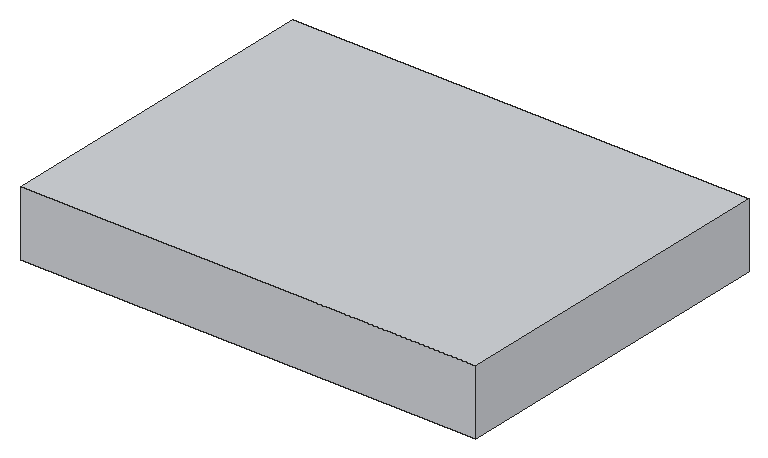
Revit family "Family1", category Generic Models, Revit 2020
Family settings
  Can host rebar = No
  Round Connector Dimension = Use Diameter
  Part Type = Normal
  Work Plane-Based = No
  Always vertical = Yes
  Cut with Voids When Loaded = No
  Shared = No
  Room Calculation Point = No
Parameters
  Default Elevation = 0 mm
Reference planes
  plane 1 "Center (Front/Back)": y = 0
  plane 2: z = 0
  plane 3 "Center (Left/Right)": x = 0
Forms (mm)
  Extrusion 1, solid
    sketch origin (0, 0, 0) x (1, 0, 0) y (0, 1, 0)
      loop
        line (-768.786, 678.523) -> (-768.786, -621.477) -> (971.214, -621.477) -> (971.214, 678.523) -> (-768.786, 678.523)
    from 0 to 250
Dimensions and locks
  aligned and locked: level to plane 2
